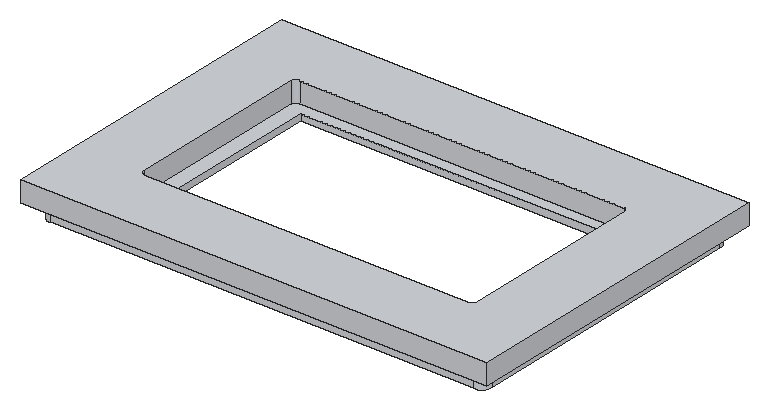
Revit family "Gira_1001122", category Electrical Fixtures, host Face, Revit 2017
Family settings
  Host = Face
  Maintain Annotation Orientation = No
  Round Connector Dimension = Use Diameter
  Part Type = Normal
  Cut with Voids When Loaded = No
  Shared = No
  Room Calculation Point = No
Parameters (values of type "Cov.fr. 1.5-g Gira Esprit umber gl.")
  With mounting grid = "No"
  With hinged lid = "No"
  URL = "http://katalog.gira.de/en/datenblatt.html?artikelnr=1001122"
  Type of fastening = "Clamp mounting"
  Transparent = "No"
  Surface protection = "Other"
  Suitable for wall duct = "No"
  Suitable for flush-mounted installation = "Yes"
  Suitable for floor box = "No"
  Suitable for built-in installation = "No"
  Number of units vertical = "1.5"
  Number of units horizontal = "1.5"
  Number of units = "1"
  Name = "Cov.fr. 1.5-g Gira Esprit umber gl."
  Mounting direction = "Horizontal and vertical"
  Material quality = "Real glass"
  Material = "Glass"
  Manufacturer URL = "https://www.gira.de/"
  Manufacturer = "Gira"
  Label space/information surface = "No"
  Keynote = ""
  HeinzeBIM = "https://bimportal.heinze.de/bim/cov-fr-1-5-g-gira-esprit-umber-gl-/f1c2ef43c92687cfbc4ea125ed67c74976c77aec"
  Halogen free = "Yes"
  HAN = "1001122"
  GTIN = "4010337000358"
  Description = "Cov.fr.1.5g Espr. GUm,Gira Esprit cover frame,umber glass,1.5-gang,"
  Degree of protection (IP) = "IP20"
  Default Elevation = 1219.2 mm
  Data sheet (1) = "https://katalog.gira.de/en/download.html?artikelnr=1001122"
  Colour = "Other"
  Category = "Cover frame for domestic switching devices"
  BIM (1) = "https://media.stage.bim.site/public/gira/36a6b08/Espr._Rahmen_1,5fach.rfa"
  Available = "No"
Reference planes
  plane 1 "Center (Front/Back)": y = 0
  plane 2: z = 0
  plane 3 "Center (Left/Right)": x = 0
Forms (mm)
  Extrusion 1, solid, detail levels fine
    sketch origin (0, 0, 0) x (1, 0, 0) y (0, 1, 0)
      loop
        line (-67.75, 47.5) -> (-67.75, -47.5) -> (67.75, -47.5) -> (67.75, 47.5) -> (-67.75, 47.5)
      loop
        arc (-48.5, -26.7) -> (-48.061, -27.761) -> (-47, -28.2) r 1.5
        line (-47, -28.2) -> (47, -28.2)
        arc (47, -28.2) -> (48.061, -27.761) -> (48.5, -26.7) r 1.5
        line (48.5, -26.7) -> (48.5, 26.7)
        arc (48.5, 26.7) -> (48.061, 27.761) -> (47, 28.2) r 1.5
        line (47, 28.2) -> (-47, 28.2)
        arc (-47, 28.2) -> (-48.061, 27.761) -> (-48.5, 26.7) r 1.5
        line (-48.5, 26.7) -> (-48.5, -26.7)
    from 0 to 6
  Extrusion 2, solid, detail levels fine
    sketch origin (0, 0, 0) x (1, 0, 0) y (0, 1, 0)
      loop
        arc (-61.479, 44.4) -> (-63.615, 43.515) -> (-64.5, 41.379) r 3.021
        line (-64.5, 41.379) -> (-64.5, -41.379)
        arc (-64.5, -41.379) -> (-63.615, -43.515) -> (-61.479, -44.4) r 3.021
        line (-61.479, -44.4) -> (61.479, -44.4)
        arc (61.479, -44.4) -> (63.615, -43.515) -> (64.5, -41.379) r 3.021
        line (64.5, -41.379) -> (64.5, 41.379)
        arc (64.5, 41.379) -> (63.615, 43.515) -> (61.479, 44.4) r 3.021
        line (61.479, 44.4) -> (-61.479, 44.4)
      loop
        arc (-61.4, 43.1) -> (-62.673, 42.573) -> (-63.2, 41.3) r 1.8
        line (-63.2, 41.3) -> (-63.2, -41.4)
        arc (-63.2, -41.4) -> (-62.673, -42.673) -> (-61.4, -43.2) r 1.8
        line (-61.4, -43.2) -> (61.4, -43.2)
        arc (61.4, -43.2) -> (62.673, -42.673) -> (63.2, -41.4) r 1.8
        line (63.2, -41.4) -> (63.2, 41.3)
        arc (63.2, 41.3) -> (62.673, 42.573) -> (61.4, 43.1) r 1.8
        line (61.4, 43.1) -> (-61.4, 43.1)
    from -4.1 to 0
  Extrusion 3, solid, detail levels fine
    sketch origin (0, 0, 0) x (1, 0, 0) y (0, 1, 0)
      loop
        arc (-63.2, -41.4) -> (-62.673, -42.673) -> (-61.4, -43.2) r 1.8
        line (-61.4, -43.2) -> (61.4, -43.2)
        arc (61.4, -43.2) -> (62.673, -42.673) -> (63.2, -41.4) r 1.8
        line (63.2, -41.4) -> (63.2, 41.3)
        arc (63.2, 41.3) -> (62.673, 42.573) -> (61.4, 43.1) r 1.8
        line (61.4, 43.1) -> (-61.4, 43.1)
        arc (-61.4, 43.1) -> (-62.673, 42.573) -> (-63.2, 41.3) r 1.8
        line (-63.2, 41.3) -> (-63.2, -41.4)
      loop
        line (44, -24.75) -> (44, 24.75) -> (-44, 24.75) -> (-44, -24.75) -> (44, -24.75)
    from -1.9 to 0
  Extrusion 4, solid, detail levels medium
    sketch origin (0, 0, 0) x (1, 0, 0) y (0, 1, 0)
      loop
        line (-67.75, 47.5) -> (-67.75, -47.5) -> (67.75, -47.5) -> (67.75, 47.5) -> (-67.75, 47.5)
    from 0 to 6
  Extrusion 5, solid, detail levels medium
    sketch origin (0, 0, 0) x (1, 0, 0) y (0, 1, 0)
      loop
        line (-64.5, 44.4) -> (-64.5, -44.4) -> (64.5, -44.4) -> (64.5, 44.4) -> (-64.5, 44.4)
    from -4.1 to 0
  Extrusion 6, solid, detail levels coarse
    sketch origin (0, 0, 0) x (1, 0, 0) y (0, 1, 0)
      loop
        line (-67.75, 47.5) -> (-67.75, -47.5) -> (67.75, -47.5) -> (67.75, 47.5) -> (-67.75, 47.5)
    from -4.1 to 6
Dimensions and locks
  aligned and locked: plane 2 to host face
  aligned and locked: level to host face
